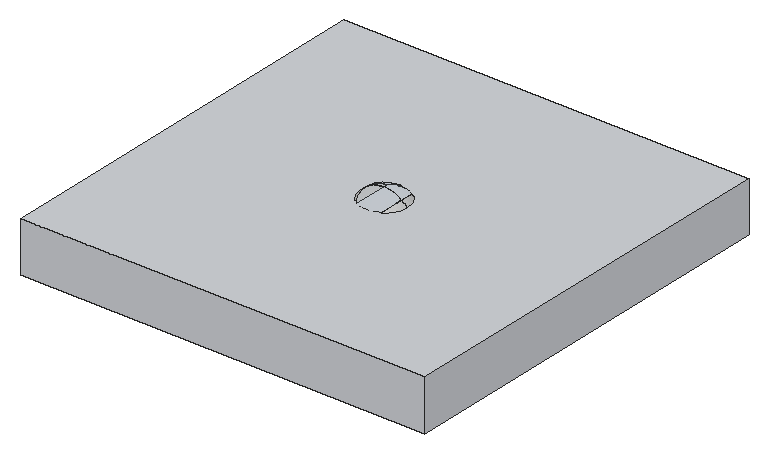
Revit family "GALAD Раунд LED", category Осветительные приборы, Revit 2018 (continued)
Parameters (values of type "GALAD Раунд LED-9 ECO IP30 Датчик звука")
    3.56 275.02 266.48 257.20 247.08 236.95 225.72 214.38 202.91 190.58 178.02 165.21 152.03 138.73 125.55 112.25 99.20 86.63 74.67 63.32 52.95 43.80 35.75 28.31 21.47 15.50 9.15 4.39 3.17 1.95 1.10 0.61 0.37 0.12 0.00 0.00 0.00 0.00 0.00 0.00 0.00 0.00 0.00 0.00 0.00 0.00 0.00 0.00 0.00 0.00 0.00 0.00 0.00 0.00 0.00 0.00 0.00 0.00 0.00 0.00 0.00 \r\n332.61 332.12 330.53 328.82 326.63 323.58 319.67 315.53 310.28 304.67 298.08 290.76 283.44 275.14 266.35 256.96 247.08 236.83 225.72 214.25 202.42 190.58 178.14 165.08 151.91 138.85 125.43 112.01 99.07 86.63 74.67 63.32 52.95 43.92 35.63 27.94 21.35 15.50 9.27 4.03 2.93 1.95 1.10 0.61 0.37 0.12 0.00 0.00 0.00 0.00 0.00 0.00 0.00 0.00 0.00 0.00 0.00 0.00 0.00 0.00 0.00 0.00 0.00 0.00 0.00 0.00 0.00 0.00 0.00 0.00 0.00 0.00 0.00 \r\n332.61 332.12 330.53 328.70 326.51 323.46 319.80 315.40 310.40 304.54 297.59 290.88 283.07 274.53 265.99 257.08 246.95 236.34 225.72 214.25 202.42 190.22 177.77 164.72 151.54 138.48 125.43 112.13 98.95 86.39 74.43 63.32 53.08 43.92 35.63 28.06 21.35 15.50 8.91 3.90 3.05 1.83 0.98 0.49 0.24 0.12 0.00 0.00 0.00 0.00 0.00 0.00 0.00 0.00 0.00 0.00 0.00 0.00 0.00 0.00 0.00 0.00 0.00 0.00 0.00 0.00 0.00 0.00 0.00 0.00 0.00 0.00 0.00 \r\n332.61 332.12 330.41 328.70 326.38 323.46 319.80 315.16 310.03 304.30 297.47 290.76 283.07 274.53 265.74 256.84 247.08 236.46 225.48 214.01 202.18 190.10 177.53 164.60 151.54 138.36 125.19 112.01 99.07 86.39 74.43 63.20 53.08 43.92 35.38 27.70 20.99 15.25 9.27 4.27 2.44 1.71 0.98 0.61 0.24 0.12 0.00 0.00 0.00 0.00 0.00 0.00 0.00 0.00 0.00 0.00 0.00 0.00 0.00 0.00 0.00 0.00 0.00 0.00 0.00 0.00 0.00 0.00 0.00 0.00 0.00 0.00 0.00 \r\n332.61 332.12 330.41 328.70 326.38 323.33 319.67 314.92 310.03 304.06 297.47 290.51 282.95 274.77 265.62 256.23 246.59 236.10 225.24 213.89 202.18 190.10 177.41 164.35 151.42 138.24 124.70 111.64 98.59 86.02 74.06 62.96 52.83 43.56 35.26 27.57 21.11 15.25 9.88 5.86 3.17 1.59 0.85 0.49 0.24 0.12 0.00 0.00 0.00 0.00 0.00 0.00 0.00 0.00 0.00 0.00 0.00 0.00 0.00 0.00 0.00 0.00 0.00 0.00 0.00 0.00 0.00 0.00 0.00 0.00 0.00 0.00 0.00 \r\n332.61 332.12 330.41 328.70 326.38 323.21 319.43 314.79 309.91 303.81 297.59 290.51 282.70 274.65 265.62 255.98 246.10 236.10 225.11 213.77 201.93 189.85 177.28 164.35 151.30 138.00 124.70 111.52 98.59 86.02 74.06 62.96 52.71 43.44 34.90 27.45 20.99 15.37 10.49 6.34 3.29 1.83 0.85 0.49 0.24 0.12 0.00 0.00 0.00 0.00 0.00 0.00 0.00 0.00 0.00 0.00 0.00 0.00 0.00 0.00 0.00 0.00 0.00 0.00 0.00 0.00 0.00 0.00 0.00 0.00 0.00 0.00 0.00 \r\n332.61 332.12 330.41 328.70 326.26 323.09 319.31 314.92 309.91 304.06 297.47 290.63 282.95 274.65 265.62 256.23 246.34 235.97 225.11 213.64 201.81 189.61 177.28 164.35 151.17 138.00 124.70 111.28 98.22 85.78 73.82 62.71 52.34 43.19 34.77 27.33 20.99 15.50 10.86 6.71 3.90 2.07 0.98 0.49 0.24 0.12 0.00 0.00 0.00 0.00 0.00 0.00 0.00 0.00 0.00 0.00 0.00 0.00 0.00 0.00 0.00 0.00 0.00 0.00 0.00 0.00 0.00 0.00 0.00 0.00 0.00 0.00 0.00 \r\n332.61 332.12 330.29 328.70 326.26 322.97 319.31 314.92 309.79 303.93 297.10 290.27 283.07 274.53 265.38 256.11 246.22 235.73 224.87 213.40 201.81 189.73 177.04 164.11 151.05 137.87 124.45 111.03 98.22 85.65 73.70 62.47 52.22 42.95 34.53 27.21 20.74 15.37 10.86 7.08 4.15 2.20 1.10 0.49 0.24 0.12 0.00 0.00 0.00 0.00 0.00 0.00 0.00 0.00 0.00 0.00 0.00 0.00 0.00 0.00 0.00 0.00 0.00 0.00 0.00 0.00 0.00 0.00 0.00 0.00 0.00 0.00 0.00 \r\n332.61 332.12 330.29 328.58 326.14 322.97 319.43 314.92 309.67 304.06 297.22 290.15 282.70 274.29 265.13 255.86 245.98 235.61 224.75 213.40 201.69 189.36 176.67 163.99 150.93 137.51 123.97 110.91 97.98 85.41 73.45 62.35 51.86 42.58 34.29 26.96 20.62 15.25 10.86 7.20 4.39 2.44 1.22 0.61 0.24 0.12 0.00 0.00 0.00 0.00 0.00 0.00 0.00 0.00 0.00 0.00 0.00 0.00 0.00 0.00 0.00 0.00 0.00 0.00 0.00 0.00 0.00 0.12 0.12 0.00 0.00 0.00 0.00 \r\n332.61 332.12 330.29 328.58 326.14 323.09 319.31 314.92 309.67 303.93 297.35 290.02 282.58 274.29 265.38 255.74 245.73 235.24 224.50 213.28 201.57 189.24 176.55 163.74 150.69 137.51 124.09 110.91 97.85 85.29 73.33 62.10 51.86 42.58 34.29 26.84 20.38 15.01 10.62 7.08 4.39 2.44 1.22 0.61 0.24 0.12 0.00 0.00 0.00 0.00 0.00 0.00 0.00 0.00 0.00 0.00 0.00 0.00 0.00 0.00 0.00 0.00 0.00 0.00 0.00 0.00 0.00 0.12 0.12 0.00 0.00 0.00 0.00 \r\n332.61 332.24 330.29 328.58 326.14 323.09 319.31 314.67 309.55 303.93 297.22 290.02 282.46 274.04 265.26 255.74 245.61 235.36 224.38 213.16 201.32 189.12 176.55 163.62 150.44 137.14 123.84 110.54 97.37 84.92 72.96 61.86 51.73 42.34 33.92 26.72 20.25 15.01 10.62 7.08 4.39 2.56 1.34 0.61 0.24 0.12 0.00 0.00 0.00 0.00 0.00 0.00 0.00 0.00 0.00 0.00 0.00 0.00 0.00 0.00 0.00 0.00 0.00 0.00 0.00 0.00 0.00 0.12 0.12 0.00 0.00 0.00 0.00 \r\n332.61 332.24 330.29 328.58 326.26 323.09 319.19 314.43 309.30 303.81 297.10 290.02 282.34 273.92 265.13 255.62 245.86 235.48 224.38 212.91 201.20 188.88 176.31 163.50 150.44 137.02 123.60 110.54 97.37 84.80 72.84 61.74 51.49 42.22 33.80 26.48 20.13 14.76 10.37 6.83 4.39 2.56 1.34 0.61 0.24 0.12 0.00 0.00 0.00 0.00 0.00 0.00 0.00 0.00 0.00 0.00 0.00 0.00 0.00 0.00 0.00 0.00 0.00 0.00 0.00 0.00 0.00 0.12 0.12 0.00 0.00 0.00 0.00 \r\n332.61 332.24 330.29 328.58 326.26 323.09 319.06 314.43 309.18 303.57 296.86 289.78 282.22 273.92 265.13 255.62 245.86 235.36 224.26 212.67 200.96 188.88 176.19 163.25 150.20 136.90 123.48 110.06 97.00 84.55 72.60 61.37 51.12 41.85 33.55 26.23 19.89 14.52 10.25 6.95 4.39 2.56 1.34 0.61 0.24 0.12 0.00 0.00 0.00 0.00 0.00 0.00 0.00 0.00 0.00 0.00 0.00 0.00 0.00 0.00 0.00 0.00 0.00 0.00 0.00 0.00 0.00 0.12 0.12 0.00 0.00 0.00 0.00 \r\n332.61 332.24 330.29 328.58 326.14 322.85 318.94 314.43 309.18 303.32 296.74 289.54 281.97 273.67 264.77 255.37 245.49 235.00 224.02 212.42 200.83 188.75 175.94 162.89 149.83 136.65 123.48 110.06 97.00 84.43 72.48 61.25 51.00 41.73 33.43 26.11 19.77 14.40 10.13 6.83 4.27 2.44 1.34 0.61 0.24 0.12 0.00 0.00 0.00 0.00 0.00 0.00 0.00 0.00 0.00 0.00 0.00 0.00 0.00 0.00 0.00 0.00 0.00 0.00 0.00 0.00 0.00 0.12 0.12 0.00 0.00 0.00 0.00 \r\n332.61 332.36 330.29 328.70 326.14 322.60 318.82 314.43 309.18 303.20 296.74 289.54 281.97 273.67 264.77 255.25 245.37 235.00 224.02 212.55 200.71 188.51 175.82 162.89 149.83 136.53 123.23 109.81 96.76 84.19 72.23 61.01 50.64 41.36 33.19 25.87 19.64 14.40 10.13 6.71 4.15 2.44 1.34 0.61 0.24 0.12 0.00 0.00 0.00 0.00 0.00 0.00 0.00 0.00 0.00 0.00 0.00 0.00 0.00 0.00 0.00 0.00 0.00 0.00 0.00 0.00 0.00 0.12 0.12 0.00 0.00 0.00 0.00 \r\n332.61 332.36 330.29 328.70 326.02 322.60 318.70 314.31 309.06 303.08 296.74 289.78 282.22 273.67 264.77 255.25 245.12 234.75 223.77 212.42 200.59 188.14 175.70 162.89 149.83 136.41 122.99 109.57 96.63 83.94 71.99 60.88 50.64 41.24 33.07 25.74 19.40 14.15 9.88 6.59 4.03 2.32 1.22 0.61 0.24 0.12 0.00 0.00 0.00 0.00 0.00 0.00 0.00 0.00 0.00 0.00 0.00 0.00 0.00 0.00 0.00 0.00 0.00 0.00 0.00 0.00 0.00 0.12 0.12 0.00 0.00 0.00 0.00 \r\n332.61 332.36 330.29 328.58 326.14 322.72 318.82 314.18 308.94 303.08 296.61 289.66 281.97 273.55 264.77 255.25 245.12 234.51 223.65 212.42 200.59 188.39 175.58 162.52 149.47 136.04 122.62 109.32 96.15 83.70 71.62 60.52 50.27 41.00 32.70 25.50 19.28 14.03 9.88 6.47 4.03 2.32 1.22 0.61 0.24 0.12 0.00 0.00 0.00 0.00 0.00 0.00 0.00 0.00 0.00 0.00 0.00 0.00 0.00 0.00 0.00 0.00 0.00 0.00 0.00 0.00 0.00 0.12 0.12 0.00 0.00 0.00 0.00 \r\n332.61 332.49 330.29 328.58 326.02 322.85 318.82 314.06 308.94 303.08 296.49 289.41 281.73 273.43 264.65 255.13 245.12 234.39 223.65 212.30 200.47 188.27 175.45 162.52 149.34 135.92 122.50 109.08 96.27 83.58 71.50 60.40 50.03 40.87 32.70 25.38 19.16 13.91 9.64 6.34 3.90 2.20 1.22 0.61 0.24 0.12 0.00 0.00 0.00 0.00 0.00 0.00 0.00 0.00 0.00 0.00 0.00 0.00 0.00 0.00 0.00 0.00 0.00 0.00 0.00 0.00 0.00 0.12 0.12 0.00 0.00 0.00 0.00 \r\n332.61 332.49 330.29 328.58 326.02 322.72 318.70 314.06 308.94 303.08 296.61 289.41 281.73 273.55 264.52 254.88 244.88 234.51 223.77 212.30 200.35 188.02 175.21 162.40 149.34 135.92 122.62 109.08 95.90 83.21 71.38 60.15 49.78 40.51 32.33 25.13 18.91 13.67 9.52 6.22 3.90 2.20 1.22 0.61 0.24 0.12 0.00 0.00 0.00 0.00 0.00 0.00 0.00 0.00 0.00 0.00 0.00 0.00 0.00 0.00 0.00 0.00 0.00 0.00 0.00 0.00 0.00 0.12 0.12 0.00 0.00 0.00 0.00 \r\n332.61 332.61 330.41 328.46 325.90 322.60 318.82 314.31 309.18 303.08 296.61 289.54 281.85 273.67 264.65 254.88 245.00 234.75 223.77 212.18 200.22 187.90 175.33 162.28 148.98 135.43 122.13 108.84 95.78 82.97 71.01 59.79 49.66 40.39 32.09 25.01 18.79 13.54 9.39 6.10 3.66 2.07 1.10 0.61 0.24 0.12 0.00 0.00 0.00 0.00 0.00 0.00 0.00 0.00 0.00 0.00 0.00 0.00 0.00 0.00 0.00 0.00 0.00 0.00 0.00 0.00 0.00 0.12 0.12 0.00 0.00 0.00 0.00 \r\n332.61 332.61 330.41 328.46 325.77 322.60 319.06 314.55 309.30 303.08 296.61 289.54 281.85 273.55 264.77 255.13 245.00 234.75 223.65 212.18 200.35 188.14 175.45 162.28 148.86 135.68 122.26 108.84 95.66 82.97 71.01 59.66 49.54 40.14 31.97 24.77 18.55 13.42 9.27 6.10 3.66 2.07 1.10 0.49 0.24 0.12 0.00 0.00 0.00 0.00 0.00 0.00 0.00 0.00 0.00 0.00 0.00 0.00 0.00 0.00 0.00 0.00 0.00 0.00 0.00 0.00 0.00 0.12 0.12 0.00 0.00 0.00 0.00 \r\n332.61 332.73 330.41 328.34 325.90 322.72 318.94 314.31 309.06 303.08 296.61 289.41 281.73 273.43 264.65 255.01 245.12 234.63 223.53 212.06 200.10 187.78 175.33 162.16 148.73 135.31 121.89 108.47 95.41 82.72 70.77 59.42 49.17 39.90 31.72 24.52 18.42 13.30 9.15 5.98 3.54 2.07 1.10 0.49 0.24 0.12 0.00 0.00 0.00 0.00 0.00 0.00 0.00 0.00 0.00 0.00 0.00 0.00 0.00 0.00 0.00 0.00 0.00 0.00 0.00 0.00 0.12 0.12 0.12 0.00 0.00 0.00 0.00 \r\n332.61 332.73 330.53 328.46 326.02 322.60 318.58 314.06 308.94 302.96 296.37 289.41 281.61 273.31 264.40 254.64 244.76 234.39 223.28 211.94 200.10 187.66 174.84 162.03 148.61 135.19 121.77 108.35 95.17 82.48 70.40 59.05 48.81 39.65 31.36 24.28 18.18 13.18 9.03 5.86 3.54 1.95 0.98 0.49 0.24 0.12 0.00 0.00 0.00 0.00 0.00 0.00 0.00 0.00 0.00 0.00 0.00 0.00 0.00 0.00 0.00 0.00 0.00 0.00 0.00 0.00 0.12 0.12 0.12 0.00 0.00 0.00 0.00 \r\n332.61 332.85 330.53 328.46 326.02 322.60 318.58 314.06 308.69 302.96 296.25 289.29 281.48 273.06 264.16 254.40 244.39 233.90 223.16 211.81 199.86 187.41 174.72 161.79 148.49 135.07 121.52 108.10 94.80 82.11 70.04 58.93 48.68 39.41 31.24 24.16 18.06 12.93 8.91 5.73 3.42 1.95 0.98 0.49 0.24 0.12 0.00 0.00 0.00 0.00 0.00 0.00 0.00 0.00 0.00 0.00 0.00 0.00 0.00 0.00 0.00 0.00 0.00 0.00 0.00 0.00 0.12 0.12 0.12 0.00 0.00 0.00 0.00 \r\n332.61 332.97 330.66 328.46 326.14 322.72 318.58 313.82 308.45 302.84 296.13 289.05 281.24 272.70 263.91 254.52 244.51 233.90 223.28 211.57 199.61 187.29 174.60 161.55 148.25 134.82 121.40 107.86 94.80 82.11 69.91 58.57 48.32 39.17 30.99 23.91 17.81 12.81 8.66 5.61 3.29 1.83 0.98 0.49 0.24 0.12 0.00 0.00 0.00 0.00 0.00 0.00 0.00 0.00 0.00 0.00 0.00 0.00 0.00 0.00 0.00 0.00 0.00 0.00 0.00 0.00 0.12 0.12 0.12 0.00 0.00 0.00 0.00 \r\n332.61 332.97 330.78 328.46 326.02 322.60 318.58 313.82 308.45 302.59 296.00 289.05 281.24 272.70 263.79 254.52 244.51 233.90 222.92 211.45 199.49 187.29 174.48 161.30 148.00 134.58 121.28 107.74 94.44 81.75 69.55 58.44 48.07 38.92 30.87 23.79 17.69 12.69 8.54 5.49 3.29 1.83 0.98 0.49 0.12 0.12 0.00 0.00 0.00 0.00 0.00 0.00 0.00 0.00 0.00 0.00 0.00 0.00 0.00 0.00 0.00 0.00 0.00 0.00 0.00 0.00 0.12 0.12 0.12 0.00 0.00 0.00 0.00 \r\n332.61 333.10 330.90 328.46 325.90 322.48 318.45 313.82 308.33 302.47 296.00 288.93 281.12 272.70 263.79 254.40 244.15 233.78 222.80 211.45 199.37 187.17 174.36 161.30 148.25 134.58 121.04 107.62 94.19 81.50 69.55 58.20 47.95 38.68 30.63 23.55 17.45 12.45 8.42 5.37 3.17 1.83 0.85 0.37 0.12 0.00 0.00 0.00 0.00 0.00 0.00 0.00 0.00 0.00 0.00 0.00 0.00 0.00 0.00 0.00 0.00 0.00 0.00 0.00 0.00 0.00 0.12 0.12 0.12 0.00 0.00 0.00 0.00 \r\n332.61 333.22 331.02 328.46 325.65 322.24 318.33 313.70 308.33 302.47 296.00 288.80 281.00 272.70 263.67 254.40 244.15 233.78 222.67 211.20 199.13 186.80 174.23 161.18 147.88 134.46 120.79 107.25 94.07 81.26 69.18 57.96 47.71 38.68 30.50 23.30 17.33 12.32 8.30 5.25 3.17 1.71 0.85 0.37 0.12 0.00 0.00 0.00 0.00 0.00 0.00 0.00 0.00 0.00 0.00 0.00 0.00 0.00 0.00 0.00 0.00 0.00 0.00 0.00 0.00 0.00 0.12 0.12 0.12 0.00 0.00 0.00 0.00 \r\n332.61 333.34 331.27 328.46 325.65 322.24 318.33 313.70 308.45 302.47 296.00 288.80 281.00 272.70 263.67 254.15 244.15 233.65 222.55 210.96 199.13 186.92 174.11 161.18 147.88 134.34 120.67 107.13 93.95 81.26 69.06 57.83 47.59 38.31 30.26 23.06 17.08 12.08 8.17 5.12 3.05 1.71 0.85 0.37 0.12 0.00 0.00 0.00 0.00 0.00 0.00 0.00 0.00 0.00 0.00 0.00 0.00 0.00 0.00 0.00 0.00 0.00 0.00 0.00 0.00 0.00 0.12 0.12 0.12 0.00 0.00 0.00 0.00 \r\n332.61 333.46 331.51 328.70 325.77 322.24 318.21 313.70 308.57 302.23 295.76 288.80 280.87 272.45 263.43 254.03 244.15 233.53 222.43 210.96 199.13 186.80 173.99 161.06 147.51 134.09 120.55 106.76 93.58 80.77 68.69 57.47 47.22 38.07 30.02 23.06 17.08 12.08 8.17 5.12 3.05 1.71 0.85 0.37 0.12 0.00 0.00 0.00 0.00 0.00 0.00 0.00 0.00 0.00 0.00 0.00 0.00 0.00 0.00 0.00 0.00 0.00 0.00 0.00 0.00 0.00 0.12 0.12 0.12 0.00 0.00 0.00 0.00 \r\n332.61 333.58 331.75 328.82 325.90 322.11 317.97 313.70 308.45 302.23 295.64 288.68 280.87 272.33 263.30 253.91 244.03 233.53 222.43 210.84 199.00 186.80 173.87 160.94 147.64 133.85 120.18 106.64 93.22 80.65 68.69 57.35 47.10 37.95 29.77 22.82 16.84 11.96 8.05 5.00 2.93 1.59 0.85 0.37 0.12 0.00 0.00 0.00 0.00 0.00 0.00 0.00 0.00 0.00 0.00 0.00 0.00 0.00 0.00 0.00 0.00 0.00 0.00 0.00 0.00 0.00 0.12 0.12 0.12 0.00 0.00 0.00 0.00 \r\n332.61 333.71 332.00 329.07 326.02 322.11 317.72 313.45 308.57 302.35 295.52 288.56 280.87 272.21 263.18 254.03 244.03 233.41 222.43 210.72 198.88 186.44 173.75 160.69 147.27 133.97 120.18 106.52 93.34 80.65 68.57 57.22 46.85 37.58 29.53 22.57 16.59 11.84 7.93 5.00 2.93 1.59 0.85 0.37 0.12 0.00 0.00 0.00 0.00 0.00 0.00 0.00 0.00 0.00 0.00 0.00 0.00 0.00 0.00 0.00 0.00 0.00 0.00 0.00 0.00 0.00 0.12 0.12 0.12 0.00 0.00 0.00 0.00 \r\n332.61 333.83 332.24 329.43 326.26 322.24 317.84 313.33 308.45 302.47 295.64 288.32 280.63 272.21 263.30 254.15 243.90 233.04 222.19 210.72 198.76 186.19 173.50 160.45 147.27 133.85 120.18 106.52 93.34 80.65 68.45 57.22 46.85 37.58 29.53 22.45 16.59 11.71 7.81 4.88 2.81 1.59 0.73 0.37 0.12 0.00 0.00 0.00 0.00 0.00 0.12 0.12 0.00 0.00 0.00 0.00 0.00 0.00 0.00 0.00 0.00 0.00 0.00 0.00 0.00 0.12 0.12 0.24 0.12 0.00 0.00 0.00 0.00 \r\n332.61 333.95 332.49 329.80 326.63 322.72 318.33 313.57 308.33 302.35 295.76 288.56 280.75 272.21 263.43 253.79 243.66 233.04 222.43 210.72 198.39 186.19 173.62 160.45 147.03 133.73 119.94 106.27 93.10 80.16 68.08 56.74 46.49 37.34 29.28 22.33 16.35 11.59 7.81 4.88 2.81 1.59 0.73 0.37 0.12 0.00 0.00 0.00 0.00 0.00 0.12 0.12 0.00 0.00 0.00 0.00 0.00 0.00 0.00 0.00 0.00 0.00 0.00 0.00 0.12 0.12 0.12 0.24 0.24 0.00 0.00 0.00 0.00 \r\n332.61 334.07 332.73 330.17 327.24 323.58 319.06 314.18 308.45 302.10 295.64 288.44 280.63 272.09 263.18 253.66 243.66 233.17 222.43 210.59 198.52 186.07 173.38 160.45 146.90 133.24 119.69 106.27 92.85 80.04 67.84 56.61 46.49 37.21 29.16 22.33 16.47 11.59 7.81 4.88 2.81 1.59 0.73 0.37 0.12 0.00 0.00 0.00 0.00 0.00 0.12 0.12 0.00 0.00 0.00 0.00 0.00 0.00 0.00 0.00 0.00 0.00 0.00 0.00 0.12 0.12 0.12 0.24 0.24 0.00 0.00 0.00 0.00 \r\n332.61 334.19 332.85 330.53 327.73 324.31 319.92 315.16 309.55 302.96 296.37 289.05 281.00 272.58 263.67 254.03 244.15 233.41 222.19 210.47 198.52 186.07 173.14 159.96 146.66 133.12 119.45 105.91 92.61 79.80 67.72 56.49 46.24 37.21 29.16 22.21 16.35 11.59 7.69 4.88 2.81 1.46 0.73 0.37 0.12 0.00 0.00 0.00 0.00 0.00 0.12 0.12 0.00 0.00 0.00 0.00 0.00 0.00 0.00 0.00 0.00 0.00 0.00 0.12 0.12 0.12 0.12 0.24 0.24 0.00 0.00 0.00 0.00 \r\n332.61 334.19 332.97 330.78 328.21 324.80 320.53 315.65 310.52 304.54 297.71 290.15 282.09 273.43 264.28 254.52 244.51 233.78 222.67 210.84 198.88 186.56 173.50 160.20 146.78 133.12 119.45 105.79 92.49 79.80 67.60 56.25 46.00 36.85 28.80 21.84 15.98 11.23 7.56 4.76 2.81 1.46 0.73 0.37 0.12 0.00 0.00 0.00 0.00 0.00 0.12 0.12 0.00 0.00 0.00 0.00 0.00 0.00 0.00 0.00 0.00 0.00 0.12 0.12 0.12 0.12 0.12 0.24 0.24 0.00 0.00 0.00 0.00 \r\n332.61 334.32 333.10 330.90 328.34 324.80 320.65 315.65
     310.03 304.06 297.47 290.15 282.22 273.55 264.65 255.13 245.00 234.14 223.16 211.45 199.37 187.05 174.11 160.81 147.51 133.97 120.18 106.64 93.46 80.65 68.45 57.10 46.85 37.58 29.53 22.57 16.72 11.84 7.93 5.00 2.93 1.59 0.85 0.37 0.12 0.12 0.00 0.12 0.12 0.12 0.12 0.12 0.00 0.00 0.00 0.00 0.00 0.00 0.00 0.00 0.12 0.12 0.12 0.12 0.12 0.12 0.12 0.24 0.24 0.00 0.00 0.00 0.00 \r\n"
  Неравномерность яркости = 0
  built-in parameter 1150133 = 10 (stored number, unit not read)
  Wattage = 5.52033 W
  Материал рассеивателя = ПММА
  Материал корпуса = Сталь
  Коэффициент пульсации = "менее 5%"  # constant formula
  built-in parameter 1150139 = (empty or 0)
  Климатическое исполнение = "1…35 °С"  # constant formula
  Климатическая зона = "УХЛ4"  # constant formula
  Класс светораспределения = "П"  # constant formula
  Класс защиты от поражения электрическим током = "1"  # constant formula
  Класс Защиты = "1"  # constant formula
  built-in parameter 1150138 = (empty or 0)
  built-in parameter 1150107 = 5000 (stored number, unit not read)
  built-in parameter 1150102 = (empty or 0)
  Emit from Circle Diameter = 275 mm
  Изготовитель = "АО «КАДОШКИНСКИЙ ЭЛЕКТРОТЕХНИЧЕСКИЙ ЗАВОД»"  # constant formula
  Диапазон цветовой температуры = "5028±283"  # constant formula
  Группа модели = "Светильники"  # constant formula
  Возможный угол наклона = "0"  # constant formula
  Видимая форма излучения при визуализации = no
  Блок аварийного питания = 0 = 1  # no
  URL = "https://galad.ru/catalog/indoor/zhkh/raund/galad-raund-led-9-eco-ip30-datchik-zvuka/"
  IP = "30"
  ADSK_Энергоэффективность = 91 lm/W  # constant formula
  ADSK_Ток = ADSK_Номинальная мощность / (ADSK_Коэффициент мощности * ADSK_Напряжение * sqrt(ADSK_Количество фаз))  # 0.0411899 A
  ADSK_Размер_Ширина = 275 mm
  ADSK_Размер_Длина = 275 mm
  ADSK_Размер_Высота = 61 mm
  ADSK_Примечание = ""
  ADSK_Полная мощность = ADSK_Номинальная мощность / ADSK_Коэффициент мощности  # 9.47368 VA
  ADSK_Позиция = ""
  ADSK_Обозначение = "ГОСТ 15150-69"  # constant formula
  ADSK_Номинальная мощность = 9 VA  # constant formula
  ADSK_Напряжение = 230 V  # constant formula
  ADSK_Наименование краткое = "GALAD Раунд LED-9 ECO IP30 Датчик звука"
  ADSK_Наименование = "GALAD Раунд LED-9 ECO IP30 Датчик звука"
  ADSK_Масса_Текст = "0.61"  # constant formula
  ADSK_Масса = 0.61  # constant formula
  ADSK_Марка = ADSK_Наименование  # "GALAD Раунд LED-9 ECO IP30 Датчик звука"
  ADSK_Коэффициент мощности = 0.95  # constant formula
  ADSK_Количество фаз = 1  # constant formula
  ADSK_Количество = 1  # constant formula
  ADSK_Код изделия = "16448"
  ADSK_Классификация нагрузок = Освещение
  ADSK_Завод-изготовитель = Изготовитель  # "АО «КАДОШКИНСКИЙ ЭЛЕКТРОТЕХНИЧЕСКИЙ ЗАВОД»"
  ADSK_Единица измерения = "шт."  # constant formula
  ADSK_Группирование = ""
  ADSK_Версия семейства = "1.01"  # constant formula
  ADSK_Версия Revit = "2018"  # constant formula
Reference planes
  plane 1 "По центру (Вперед/Назад)": y = 0
  plane 2: z = 0
  plane 3 "По центру (Влево/Вправо)": x = 0
  plane 4: y = 137.5
  plane 5: y = -137.5
  plane 6: x = -137.5
  plane 7: x = 137.5
  plane 8: z = 61
Forms (mm)
  Extrusion 1, solid
    sketch origin (0, 0, 0) x (1, 0, 0) y (0, 1, 0)
      loop
        line (-1219.2, 1219.2) -> (-1219.2, -1219.2) -> (1219.2, -1219.2) -> (1219.2, 1219.2) -> (-1219.2, 1219.2)
    from 0 to -304.8
  Revolve 2, solid, material "ПММА" <- "Материал рассеивателя", detail levels medium+fine
    sketch origin (0, 0, 0) x (1, 0, 0) y (0, 0, 1)
      loop
        arc (137.5, 0) -> (75.242, 45.134) -> (0, 61) r 184.671
        line (0, 61) -> (0, 0) -> (137.5, 0)
      axis (0, 61) -> (0, 0)
    angle from 0 to 360
  Extrusion 3, void
    sketch origin (0, 0, 0) x (1, 0, 0) y (0, 0, 1)
      loop
        line (137.5, 54.571) -> (76.893, 0) -> (137.5, 0) -> (137.5, 54.571)
    from -137.5 to 137.5
  Extrusion 4, void
    sketch origin (0, 0, 0) x (-1, 0, 0) y (0, 0, -1)
      loop
        line (137.5, -54.571) -> (137.5, 0) -> (76.893, 0) -> (137.5, -54.571)
    from -137.5 to 137.5
  Revolve 5, solid, material "Сталь" <- "Материал корпуса", detail levels medium+fine
    sketch origin (0, 0, 0) x (1, 0, 0) y (0, 0, 1)
      loop
        line (0, 61) -> (0, 0) -> (137.5, 0)
        arc (137.5, 0) -> (75.242, 45.134) -> (0, 61) r 184.671
      axis (0, 0) -> (0, 61)
    angle from 0 to 360
  Extrusion 6, void
    sketch origin (0, 0, 0) x (1, 0, 0) y (0, 0, 1)
      loop
        line (-76.893, 0) -> (76.893, 0) -> (158.639, 73.604) -> (-158.639, 73.604) -> (-76.893, 0)
    from -137.5 to 137.5
  Extrusion 7, solid, material "ПММА" <- "Материал рассеивателя", detail levels coarse
    sketch origin (0, 0, 0) x (1, 0, 0) y (0, 1, 0)
      loop
        circle (0, 0) r 137.5
    from 0 to 61
Cuts and joins
  Extrusion 3, Extrusion 4 cuts Revolve 2
  Extrusion 6 cuts Revolve 5
Dimensions and locks
  equal spacing: plane 6, plane 3 "По центру (Влево/Вправо)", plane 7
  equal spacing: plane 4, plane 1 "По центру (Вперед/Назад)", plane 5
  "ADSK_Размер_Ширина": plane 4 to plane 5
  "ADSK_Размер_Длина": plane 6 to plane 7
  "ADSK_Размер_Высота": plane 8 to level
  aligned and locked: plane 2 to Extrusion 1
  aligned and locked: level to Extrusion 1
  aligned and locked: plane 4 to Extrusion 3
  aligned and locked: plane 4 to Extrusion 6
  aligned and locked: Extrusion 6 to plane 5
  aligned and locked: plane 8 to Extrusion 7
  aligned and locked: Extrusion 7 to level
Automatic sketch dimensions
  Extrusion 1 sketch curve to Extrusion 1 sketch curve = 2438.4 mm  (x2)
  Revolve 2 sketch curve to plane 3 "По центру (Влево/Вправо)" = 0 mm  (x2)
  Revolve 2 sketch curve to level = 0 mm
  Revolve 2 sketch curve to plane 7 = 0 mm
  Revolve 2 sketch curve to plane 8 = 0 mm
  plane 3 "По центру (Влево/Вправо)" to Revolve 2 sketch curve = 0.354 mm
  Revolve 2 sketch curve to Revolve 2 sketch curve = 25 mm
  Revolve 2 sketch curve to Revolve 2 sketch curve = 40 mm
  Extrusion 3 sketch curve to level = 0 mm
  Extrusion 3 sketch curve to plane 7 = 0 mm
  Extrusion 3 sketch curve to Extrusion 3 sketch curve = 60.607 mm
  Extrusion 3 sketch curve to plane 8 = 6.429 mm
  Extrusion 4 sketch curve to level = 0 mm
  Extrusion 4 sketch curve to plane 6 = 0 mm
  Extrusion 4 sketch curve to Extrusion 4 sketch curve = 60.607 mm
  plane 8 to Extrusion 4 sketch curve = 6.429 mm
  Revolve 5 sketch curve to plane 3 "По центру (Влево/Вправо)" = 0 mm  (x2)
  Revolve 5 sketch curve to level = 0 mm
  Revolve 5 sketch curve to plane 7 = 0 mm
  Revolve 5 sketch curve to plane 8 = 0 mm
  plane 3 "По центру (Влево/Вправо)" to Revolve 5 sketch curve = 0.354 mm
  Revolve 5 sketch curve to Revolve 5 sketch curve = 19 mm
  Revolve 5 sketch curve to Revolve 5 sketch curve = 55 mm
  level to Extrusion 6 sketch curve = 0 mm
  plane 6 to Extrusion 6 sketch curve = 60.607 mm
  Extrusion 6 sketch curve to plane 7 = 60.607 mm
  Extrusion 6 sketch curve to plane 6 = 21.139 mm
  plane 7 to Extrusion 6 sketch curve = 21.139 mm
  plane 8 to Extrusion 6 sketch curve = 12.604 mm
  plane 1 "По центру (Вперед/Назад)" to Extrusion 7 sketch curve = 0 mm
  Extrusion 7 sketch curve to plane 3 "По центру (Влево/Вправо)" = 0 mm
  radius of Extrusion 7 sketch curve = 137.5 mm
Connectors
  electrical at (0, 0, 0), driven by "ADSK_Классификация нагрузок", driven by "ADSK_Напряжение", driven by "ADSK_Полная мощность", driven by "ADSK_Коэффициент мощности"
    settings: index 1, voltage 230 V, apparent load 9.47368 VA, apparent load phase1 0 VA, apparent load phase2 0 VA, apparent load phase3 0 VA, power factor 0.95, load classification "Освещение", number of poles 1, system type 30, power factor state 1, is connector primary yes, connector utility no, sub classification motor no, connector description ""
